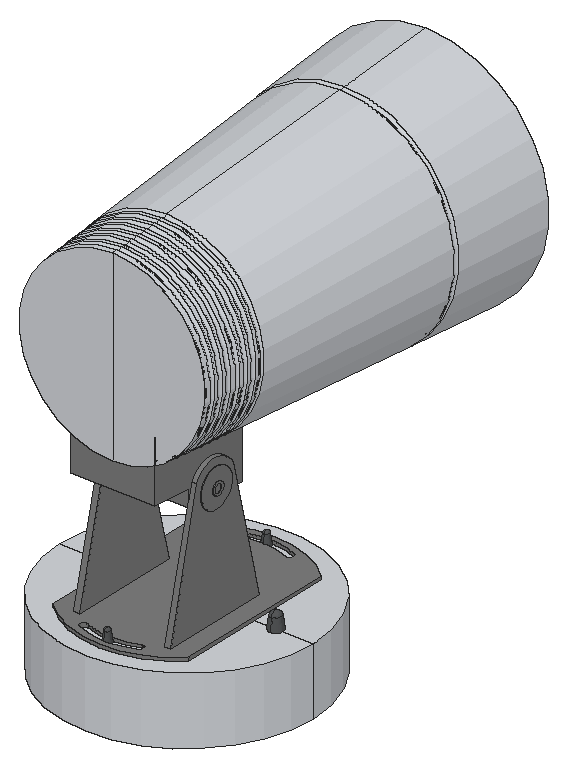
Revit family "REFLECTOR LANDSCAPE 02_RM40W.1.12", category Luminarias, Revit 2019
Family settings
  Cota de conector redondo = Diámetro de uso
  Tipo de pieza = Normal
  Se basa en plano de trabajo = Sí
  Siempre vertical = No
  Corte con vacíos al cargar = No
  Origen de luz = Sí
  Compartido = No
  Punto de cálculo de habitación = No
Parameters (values of type "RM40W.1.12")
  Ángulo de inclinación = 32.00°
  Zone [instance] = ""
  Watt per fixture = 44.8
  Wattage = 44.8 W
  built-in parameter 1150107 = 3000 (stored number, unit not read)
  built-in parameter 1150110 = 1 (stored number, unit not read)
  built-in parameter 1150109 = 1 (stored number, unit not read)
  built-in parameter 1150112 = 1 (stored number, unit not read)
  built-in parameter 1150113 = 1 (stored number, unit not read)
  built-in parameter 1114218 = 1 (stored number, unit not read)
  Keynote = ""
  built-in parameter 1150137 = (empty or 0)
  built-in parameter 1150132 = (empty or 0)
  Modelo = "RM40W.1.12"
  Lámpara = "NICHIA"
  built-in parameter 1150105 = 234.65 (stored number, unit not read)
  built-in parameter 1150102 = (empty or 0)
  built-in parameter 1150106 = 2.3465 (stored number, unit not read)
  Lumens = 2948.74 lm
  Color Filter = 16777215
  built-in parameter 1114217 = 1 (stored number, unit not read)
  built-in parameter 1150139 = (empty or 0)
  Fabricante = "BRILLANT"
  Default Elevation = 0 mm
  built-in parameter 1150104 = 6.1149 (stored number, unit not read)
  Descripción = "LUMINARIA TIPO REFLECTOR MONOCROMATICO DIRIGIBLE, CUERPO EN ALUMINIO FUNDIDO A PRESION CUBIERTO DE POLVO GRIS OSCURO Y VIDRIO TEMPLADO DE 3MM, CON UN PESO DE 5KG, CON 232MM DE LARGO POR 265MM DE ALTURA POR 110MM DE DIAMETRO, CUENTA CON 1 LED TIPO NICHIA CON UN CONSUMO DE 44.8W, 2949 LUMENES, IP 66, IRC 80, IK06, CABLE H05RN DE 0.5M, APERTURA DE 12 GRADOS POR PROYECTO, ALIMENTADA A 100-277V. ACCESORIOS OPCIONALES."
  built-in parameter 1150115 = 1 (stored number, unit not read)
  built-in parameter 1150114 = 1 (stored number, unit not read)
  Comentarios de vataje = "100-277V"
  built-in parameter 1150138 = (empty or 0)
  built-in parameter 1150134 = (empty or 0)
  Circuit [instance] = ""
  Dimming Lamp Color Temperature Shift = 1
  Archivo de red fotométrica = "RM40W.1_12º.ies"
  built-in parameter 1150133 = 10 (stored number, unit not read)
Reference planes
  plane 1 "Centro (Frontal/Posterior)": y = 0
  plane 2: z = 0
  plane 3 "Centro (Izquierda/Derecha)": x = 0
  plane 4: z = 265
Forms (mm)
  Revolve 1, solid, not visible
    sketch origin (-170.518, 44.498, 38.393) x (-1, 0, 0) y (0, 0, -1)
      loop
        line (92.846, -301.911) -> (92.846, -298.113) -> (82.028, -298.113)
        arc (82.028, -298.113) -> (87.129, -300.888) -> (92.846, -301.911) r 18.17
      axis (92.846, -298.113) -> (92.846, -301.911)
    angle from 0 to 360
  Extrusion 2, solid, material "Aluminio", not visible
    sketch origin (0, 0, 0) x (0, 1, 0) y (0, 0, 1)
      loop
        line (104, 336.506) -> (-104, 336.506) -> (-104, 228.571) -> (-94, 228.571)
        arc (-94, 228.571) -> (0, 201.039) -> (94, 228.571) r 174.234
        line (94, 228.571) -> (104, 228.571) -> (104, 336.506)
    from -339.373 to 342.161
  Extrusion 3, solid, material "Aluminio", not visible
    sketch origin (0, 0, 0) x (1, 0, 0) y (0, 1, 0)
      loop
        arc (-299.373, 104) -> (-315.725, 100.505) -> (-329.219, 90.632) r 40
        arc (-329.219, 90.632) -> (-323.254, 83.056) -> (-331.965, 87.19) r 4.952
        arc (-331.965, 87.19) -> (-337.476, 76.172) -> (-339.373, 64) r 40
        line (-339.373, 64) -> (-339.373, 1.506)
        arc (-339.373, 1.506) -> (-329.699, 0.016) -> (-339.373, -1.475) r 4.952
        line (-339.373, -1.475) -> (-339.373, -64)
        arc (-339.373, -64) -> (-337.476, -76.172) -> (-331.965, -87.19) r 40
        arc (-331.965, -87.19) -> (-323.254, -83.056) -> (-329.219, -90.632) r 4.952
        arc (-329.219, -90.632) -> (-315.725, -100.505) -> (-299.373, -104) r 40
        line (-299.373, -104) -> (-226.105, -104)
        arc (-226.105, -104) -> (-224.373, -94.409) -> (-222.642, -104) r 4.952
        line (-222.642, -104) -> (-77.408, -104)
        arc (-77.408, -104) -> (-75, -94.721) -> (-72.592, -104) r 4.952
        line (-72.592, -104) -> (-2.408, -104)
        arc (-2.408, -104) -> (0, -94.721) -> (2.408, -104) r 4.952
        line (2.408, -104) -> (72.592, -104)
        arc (72.592, -104) -> (75, -94.721) -> (77.408, -104) r 4.952
        line (77.408, -104) -> (177.592, -104)
        arc (177.592, -104) -> (180, -94.721) -> (182.408, -104) r 4.952
        line (182.408, -104) -> (302.161, -104)
        arc (302.161, -104) -> (318.513, -100.505) -> (332.007, -90.632) r 40
        arc (332.007, -90.632) -> (326.043, -83.056) -> (334.754, -87.19) r 4.952
        arc (334.754, -87.19) -> (340.265, -76.172) -> (342.161, -64) r 40
        line (342.161, -64) -> (342.161, -1.475)
        arc (342.161, -1.475) -> (332.487, 0.016) -> (342.161, 1.506) r 4.952
        line (342.161, 1.506) -> (342.161, 64)
        arc (342.161, 64) -> (340.265, 76.172) -> (334.754, 87.19) r 40
        arc (334.754, 87.19) -> (326.043, 83.056) -> (332.007, 90.632) r 4.952
        arc (332.007, 90.632) -> (318.513, 100.505) -> (302.161, 104) r 40
        line (302.161, 104) -> (182.408, 104)
        arc (182.408, 104) -> (180, 94.721) -> (177.592, 104) r 4.952
        line (177.592, 104) -> (77.408, 104)
        arc (77.408, 104) -> (75, 94.721) -> (72.592, 104) r 4.952
        line (72.592, 104) -> (2.408, 104)
        arc (2.408, 104) -> (0, 94.721) -> (-2.408, 104) r 4.952
        line (-2.408, 104) -> (-72.592, 104)
        arc (-72.592, 104) -> (-75, 94.721) -> (-77.408, 104) r 4.952
        line (-77.408, 104) -> (-221.965, 104)
        arc (-221.965, 104) -> (-224.373, 94.721) -> (-226.781, 104) r 4.952
        line (-226.781, 104) -> (-299.373, 104)
      loop
        arc (-299.373, 79) -> (-309.98, 74.607) -> (-314.373, 64) r 15
        line (-314.373, 64) -> (-314.373, -64)
        arc (-314.373, -64) -> (-309.98, -74.607) -> (-299.373, -79) r 15
        line (-299.373, -79) -> (302.161, -79)
        arc (302.161, -79) -> (312.768, -74.607) -> (317.161, -64) r 15
        line (317.161, -64) -> (317.161, 64)
        arc (317.161, 64) -> (312.768, 74.607) -> (302.161, 79) r 15
        line (302.161, 79) -> (-299.373, 79)
    from 336.506 to 345
  Extrusion 4, void, not visible
    sketch origin (0, 0, 0) x (1, 0, 0) y (0, 1, 0)
      loop
        arc (-339.373, 64) -> (-327.658, 92.284) -> (-299.373, 104) r 40
        line (-299.373, 104) -> (-339.373, 104) -> (-339.373, 64)
      loop
        line (-339.373, -64) -> (-339.373, -104) -> (-299.373, -104)
        arc (-299.373, -104) -> (-327.658, -92.284) -> (-339.373, -64) r 40
      loop
        line (342.161, 64) -> (342.161, 104) -> (302.161, 104)
        arc (302.161, 104) -> (330.446, 92.284) -> (342.161, 64) r 40
      loop
        arc (342.161, -64) -> (330.446, -92.284) -> (302.161, -104) r 40
        line (302.161, -104) -> (342.161, -104) -> (342.161, -64)
    from 176.462 to 336.506
  Extrusion 5, void, not visible
    sketch origin (0, 0, 0) x (1, 0, 0) y (0, 0, 1)
      loop
        line (-339.373, 184.64) -> (-274.373, 184.64) -> (-274.373, 259.64) -> (-339.373, 259.64) -> (-339.373, 184.64)
    from -104 to 104
  Extrusion 6, solid, material "Cristal", not visible
    sketch origin (0, 0, 0) x (1, 0, 0) y (0, 1, 0)
      loop
        arc (-299.373, 79) -> (-309.98, 74.607) -> (-314.373, 64) r 15
        line (-314.373, 64) -> (-314.373, -64)
        arc (-314.373, -64) -> (-309.98, -74.607) -> (-299.373, -79) r 15
        line (-299.373, -79) -> (302.161, -79)
        arc (302.161, -79) -> (312.768, -74.607) -> (317.161, -64) r 15
        line (317.161, -64) -> (317.161, 64)
        arc (317.161, 64) -> (312.768, 74.607) -> (302.161, 79) r 15
        line (302.161, 79) -> (-299.373, 79)
    from 342.509 to 345
  Revolve 7, solid, not visible
    sketch origin (356.21, 44.498, 38.393) x (-1, 0, 0) y (0, 0, -1)
      loop
        line (92.846, -301.911) -> (92.846, -298.113) -> (82.028, -298.113)
        arc (82.028, -298.113) -> (87.129, -300.888) -> (92.846, -301.911) r 18.17
      axis (92.846, -298.113) -> (92.846, -301.911)
    angle from 0 to 360
  Revolve 8, solid, not visible
    sketch origin (-104.677, 44.498, 38.393) x (-1, 0, 0) y (0, 0, -1)
      loop
        line (92.846, -301.911) -> (92.846, -298.113) -> (82.028, -298.113)
        arc (82.028, -298.113) -> (87.129, -300.888) -> (92.846, -301.911) r 18.17
      axis (92.846, -298.113) -> (92.846, -301.911)
    angle from 0 to 360
  Revolve 9, solid, not visible
    sketch origin (-38.836, 44.498, 38.393) x (-1, 0, 0) y (0, 0, -1)
      loop
        line (92.846, -301.911) -> (92.846, -298.113) -> (82.028, -298.113)
        arc (82.028, -298.113) -> (87.129, -300.888) -> (92.846, -301.911) r 18.17
      axis (92.846, -298.113) -> (92.846, -301.911)
    angle from 0 to 360
  Revolve 10, solid, not visible
    sketch origin (27.005, 44.498, 38.393) x (-1, 0, 0) y (0, 0, -1)
      loop
        line (92.846, -301.911) -> (92.846, -298.113) -> (82.028, -298.113)
        arc (82.028, -298.113) -> (87.129, -300.888) -> (92.846, -301.911) r 18.17
      axis (92.846, -298.113) -> (92.846, -301.911)
    angle from 0 to 360
  Revolve 11, solid, not visible
    sketch origin (92.846, 44.498, 38.393) x (-1, 0, 0) y (0, 0, -1)
      loop
        line (92.846, -301.911) -> (92.846, -298.113) -> (82.028, -298.113)
        arc (82.028, -298.113) -> (87.129, -300.888) -> (92.846, -301.911) r 18.17
      axis (92.846, -298.113) -> (92.846, -301.911)
    angle from 0 to 360
  Revolve 12, solid, not visible
    sketch origin (158.687, 44.498, 38.393) x (-1, 0, 0) y (0, 0, -1)
      loop
        line (92.846, -301.911) -> (92.846, -298.113) -> (82.028, -298.113)
        arc (82.028, -298.113) -> (87.129, -300.888) -> (92.846, -301.911) r 18.17
      axis (92.846, -298.113) -> (92.846, -301.911)
    angle from 0 to 360
  Revolve 13, solid, not visible
    sketch origin (224.528, 44.498, 38.393) x (-1, 0, 0) y (0, 0, -1)
      loop
        line (92.846, -301.911) -> (92.846, -298.113) -> (82.028, -298.113)
        arc (82.028, -298.113) -> (87.129, -300.888) -> (92.846, -301.911) r 18.17
      axis (92.846, -298.113) -> (92.846, -301.911)
    angle from 0 to 360
  Revolve 14, solid, not visible
    sketch origin (290.369, 44.498, 38.393) x (-1, 0, 0) y (0, 0, -1)
      loop
        line (92.846, -301.911) -> (92.846, -298.113) -> (82.028, -298.113)
        arc (82.028, -298.113) -> (87.129, -300.888) -> (92.846, -301.911) r 18.17
      axis (92.846, -298.113) -> (92.846, -301.911)
    angle from 0 to 360
  Revolve 15, solid, not visible
    sketch origin (-137.598, 0, 38.393) x (-1, 0, 0) y (0, 0, -1)
      loop
        line (92.846, -301.911) -> (92.846, -298.113) -> (82.028, -298.113)
        arc (82.028, -298.113) -> (87.129, -300.888) -> (92.846, -301.911) r 18.17
      axis (92.846, -298.113) -> (92.846, -301.911)
    angle from 0 to 360
  Revolve 16, solid, not visible
    sketch origin (389.13, 0, 38.393) x (-1, 0, 0) y (0, 0, -1)
      loop
        line (92.846, -301.911) -> (92.846, -298.113) -> (82.028, -298.113)
        arc (82.028, -298.113) -> (87.129, -300.888) -> (92.846, -301.911) r 18.17
      axis (92.846, -298.113) -> (92.846, -301.911)
    angle from 0 to 360
  Revolve 17, solid, not visible
    sketch origin (-71.757, 0, 38.393) x (-1, 0, 0) y (0, 0, -1)
      loop
        line (92.846, -301.911) -> (92.846, -298.113) -> (82.028, -298.113)
        arc (82.028, -298.113) -> (87.129, -300.888) -> (92.846, -301.911) r 18.17
      axis (92.846, -298.113) -> (92.846, -301.911)
    angle from 0 to 360
  Revolve 18, solid, not visible
    sketch origin (-5.916, 0, 38.393) x (-1, 0, 0) y (0, 0, -1)
      loop
        line (92.846, -301.911) -> (92.846, -298.113) -> (82.028, -298.113)
        arc (82.028, -298.113) -> (87.129, -300.888) -> (92.846, -301.911) r 18.17
      axis (92.846, -298.113) -> (92.846, -301.911)
    angle from 0 to 360
  Revolve 19, solid, not visible
    sketch origin (59.925, 0, 38.393) x (-1, 0, 0) y (0, 0, -1)
      loop
        line (92.846, -301.911) -> (92.846, -298.113) -> (82.028, -298.113)
        arc (82.028, -298.113) -> (87.129, -300.888) -> (92.846, -301.911) r 18.17
      axis (92.846, -298.113) -> (92.846, -301.911)
    angle from 0 to 360
  Revolve 20, solid, not visible
    sketch origin (125.766, 0, 38.393) x (-1, 0, 0) y (0, 0, -1)
      loop
        line (92.846, -301.911) -> (92.846, -298.113) -> (82.028, -298.113)
        arc (82.028, -298.113) -> (87.129, -300.888) -> (92.846, -301.911) r 18.17
      axis (92.846, -298.113) -> (92.846, -301.911)
    angle from 0 to 360
  Revolve 21, solid, not visible
    sketch origin (191.607, 0, 38.393) x (-1, 0, 0) y (0, 0, -1)
      loop
        line (92.846, -301.911) -> (92.846, -298.113) -> (82.028, -298.113)
        arc (82.028, -298.113) -> (87.129, -300.888) -> (92.846, -301.911) r 18.17
      axis (92.846, -298.113) -> (92.846, -301.911)
    angle from 0 to 360
  Revolve 22, solid, not visible
    sketch origin (257.448, 0, 38.393) x (-1, 0, 0) y (0, 0, -1)
      loop
        line (92.846, -301.911) -> (92.846, -298.113) -> (82.028, -298.113)
        arc (82.028, -298.113) -> (87.129, -300.888) -> (92.846, -301.911) r 18.17
      axis (92.846, -298.113) -> (92.846, -301.911)
    angle from 0 to 360
  Revolve 23, solid, not visible
    sketch origin (323.289, 0, 38.393) x (-1, 0, 0) y (0, 0, -1)
      loop
        line (92.846, -301.911) -> (92.846, -298.113) -> (82.028, -298.113)
        arc (82.028, -298.113) -> (87.129, -300.888) -> (92.846, -301.911) r 18.17
      axis (92.846, -298.113) -> (92.846, -301.911)
    angle from 0 to 360
  Revolve 24, solid, not visible
    sketch origin (-170.518, -44.498, 38.393) x (-1, 0, 0) y (0, 0, 1)
      loop
        arc (92.846, 301.911) -> (87.129, 300.888) -> (82.028, 298.113) r 18.17
        line (82.028, 298.113) -> (92.846, 298.113) -> (92.846, 301.911)
      axis (92.846, 298.113) -> (92.846, 301.911)
    angle from 0 to 360
  Revolve 25, solid, not visible
    sketch origin (356.21, -44.498, 38.393) x (-1, 0, 0) y (0, 0, 1)
      loop
        arc (92.846, 301.911) -> (87.129, 300.888) -> (82.028, 298.113) r 18.17
        line (82.028, 298.113) -> (92.846, 298.113) -> (92.846, 301.911)
      axis (92.846, 298.113) -> (92.846, 301.911)
    angle from 0 to 360
  Revolve 26, solid, not visible
    sketch origin (-104.677, -44.498, 38.393) x (-1, 0, 0) y (0, 0, 1)
      loop
        arc (92.846, 301.911) -> (87.129, 300.888) -> (82.028, 298.113) r 18.17
        line (82.028, 298.113) -> (92.846, 298.113) -> (92.846, 301.911)
      axis (92.846, 298.113) -> (92.846, 301.911)
    angle from 0 to 360
  Revolve 27, solid, not visible
    sketch origin (-38.836, -44.498, 38.393) x (-1, 0, 0) y (0, 0, 1)
      loop
        arc (92.846, 301.911) -> (87.129, 300.888) -> (82.028, 298.113) r 18.17
        line (82.028, 298.113) -> (92.846, 298.113) -> (92.846, 301.911)
      axis (92.846, 298.113) -> (92.846, 301.911)
    angle from 0 to 360
  Revolve 28, solid, not visible
    sketch origin (27.005, -44.498, 38.393) x (-1, 0, 0) y (0, 0, 1)
      loop
        arc (92.846, 301.911) -> (87.129, 300.888) -> (82.028, 298.113) r 18.17
        line (82.028, 298.113) -> (92.846, 298.113) -> (92.846, 301.911)
      axis (92.846, 298.113) -> (92.846, 301.911)
    angle from 0 to 360
  Revolve 29, solid, not visible
    sketch origin (92.846, -44.498, 38.393) x (-1, 0, 0) y (0, 0, 1)
      loop
        arc (92.846, 301.911) -> (87.129, 300.888) -> (82.028, 298.113) r 18.17
        line (82.028, 298.113) -> (92.846, 298.113) -> (92.846, 301.911)
      axis (92.846, 298.113) -> (92.846, 301.911)
    angle from 0 to 360
  Revolve 30, solid, not visible
    sketch origin (158.687, -44.498, 38.393) x (-1, 0, 0) y (0, 0, 1)
      loop
        arc (92.846, 301.911) -> (87.129, 300.888) -> (82.028, 298.113) r 18.17
        line (82.028, 298.113) -> (92.846, 298.113) -> (92.846, 301.911)
      axis (92.846, 298.113) -> (92.846, 301.911)
    angle from 0 to 360
  Revolve 31, solid, not visible
    sketch origin (224.528, -44.498, 38.393) x (-1, 0, 0) y (0, 0, 1)
      loop
        arc (92.846, 301.911) -> (87.129, 300.888) -> (82.028, 298.113) r 18.17
        line (82.028, 298.113) -> (92.846, 298.113) -> (92.846, 301.911)
      axis (92.846, 298.113) -> (92.846, 301.911)
    angle from 0 to 360
  Revolve 32, solid, not visible
    sketch origin (290.369, -44.498, 38.393) x (-1, 0, 0) y (0, 0, 1)
      loop
        arc (92.846, 301.911) -> (87.129, 300.888) -> (82.028, 298.113) r 18.17
        line (82.028, 298.113) -> (92.846, 298.113) -> (92.846, 301.911)
      axis (92.846, 298.113) -> (92.846, 301.911)
    angle from 0 to 360
  Revolve 33, solid
    sketch origin (0, 0, 0) x (1, 0, 0) y (0, 0, 1)
      loop
        line (-75, 2.5) -> (-70, 2.5) -> (-70, 37.859) -> (0, 37.859) -> (0, 42.5) -> (-75, 42.5) -> (-75, 2.5)
      axis (0, 42.5) -> (0, 2.5)
    angle from 0 to 360
  Revolve 34, solid
    sketch origin (0, 0, 22.187) x (0, 1, 0) y (0, 0, 1)
      loop
        line (176.563, 100.409) -> (113.633, 105.249) -> (113.633, 126.271) -> (109.979, 126.271) -> (106.954, 127.081) -> (89.276, 144.759) -> (89.276, 155)
        arc (89.276, 155) -> (95.402, 161.471) -> (97.981, 170) r 19.358
        line (97.981, 170) -> (-55, 170) -> (-55, 115) -> (-51.764, 114.751)
        arc (-51.764, 114.751) -> (-50.024, 115.659) -> (-48.443, 114.496) r 1.854
        line (-48.443, 114.496) -> (-46.174, 114.321)
        arc (-46.174, 114.321) -> (-44.435, 115.229) -> (-42.854, 114.066) r 1.854
        line (-42.854, 114.066) -> (-40.585, 113.891)
        arc (-40.585, 113.891) -> (-38.845, 114.799) -> (-37.265, 113.636) r 1.854
        line (-37.265, 113.636) -> (-34.996, 113.461)
        arc (-34.996, 113.461) -> (-33.256, 114.369) -> (-31.675, 113.206) r 1.854
        line (-31.675, 113.206) -> (-29.406, 113.031)
        arc (-29.406, 113.031) -> (-27.666, 113.939) -> (-26.086, 112.776) r 1.854
        line (-26.086, 112.776) -> (-23.817, 112.601)
        arc (-23.817, 112.601) -> (-22.077, 113.509) -> (-20.497, 112.346) r 1.854
        line (-20.497, 112.346) -> (-18.227, 112.171)
        arc (-18.227, 112.171) -> (-16.488, 113.079) -> (-14.907, 111.916) r 1.854
        line (-14.907, 111.916) -> (113.344, 102.05)
        arc (113.344, 102.05) -> (115.084, 102.958) -> (116.664, 101.795) r 1.854
        line (116.664, 101.795) -> (176.563, 97.187) -> (176.563, 100.409)
      axis (176.563, 170) -> (-55, 170)
    angle from 0 to 360
  Extrusion 35, solid, material "Aluminio"
    sketch origin (0, 0, -43.735) x (0, 1, 0) y (0, 0, 1)
      loop
        line (-54.831, 201.76) -> (-54.831, 165.8) -> (-29.908, 163.841) -> (-29.908, 153.692) -> (9.173, 150.62) -> (9.173, 196.728) -> (-54.831, 201.76)
    from -25.149 to 25.149
  Extrusion 36, solid, material "Aluminio"
    sketch origin (0, 0, 11.265) x (0, 1, 0) y (0, 0, 1)
      loop
        line (17.692, 33) -> (-1.709, 111.816)
        arc (-1.709, 111.816) -> (-14.9, 119.829) -> (-28.149, 111.911) r 14.954
        line (-28.149, 111.911) -> (-47.873, 33) -> (17.692, 33)
    from -28.531 to -25.149
  Extrusion 37, solid, material "Aluminio"
    sketch origin (0, 0, 58.14) x (0, 1, 0) y (0, 0, 1)
      loop
        circle (-14.907, 57.468) r 11.292
    from -29.584 to -28.531
  Extrusion 38, solid, material "Aluminio"
    sketch origin (0, 0, 58.14) x (0, 1, 0) y (0, 0, 1)
      loop
        circle (-14.907, 57.468) r 3.559
      loop
        line (-14.907, 60.379) -> (-17.428, 58.924) -> (-17.428, 56.013) -> (-14.907, 54.557) -> (-12.386, 56.013) -> (-12.386, 58.924) -> (-14.907, 60.379)
    from -30.722 to -29.584
  Extrusion 39, solid, material "Aluminio"
    sketch origin (0, 0, 0) x (1, 0, 0) y (0, 1, 0)
      loop
        line (40.326, -48.62) -> (40.326, 48.62)
        arc (40.326, 48.62) -> (0, 65) -> (-40.326, 48.62) r 57.829
        line (-40.326, 48.62) -> (-40.326, -48.62)
        arc (-40.326, -48.62) -> (0, -65) -> (40.326, -48.62) r 57.829
      loop
        arc (-17.728, -57.473) -> (0, -61.514) -> (17.728, -57.473) r 40.914
        arc (17.728, -57.473) -> (18.519, -54.562) -> (15.751, -53.36) r 2.306
        arc (15.751, -53.36) -> (0.2, -56.513) -> (-15.382, -53.512) r 40.914
        arc (-15.382, -53.512) -> (-18.424, -54.386) -> (-17.728, -57.473) r 2.306
      loop
        arc (-17.728, 57.473) -> (-18.424, 54.386) -> (-15.382, 53.512) r 2.306
        arc (-15.382, 53.512) -> (0.2, 56.513) -> (15.751, 53.36) r 40.914
        arc (15.751, 53.36) -> (18.519, 54.562) -> (17.728, 57.473) r 2.306
        arc (17.728, 57.473) -> (0, 61.514) -> (-17.728, 57.473) r 40.914
    from 42.5 to 44.265
  Revolve 40, solid, material "Plastico"
    sketch origin (0, -24.58, 9.5) x (0, -1, 0) y (0, 0, 1)
      loop
        line (36.899, 33) -> (36.085, 39.627)
        arc (36.085, 39.627) -> (35.469, 40.576) -> (34.399, 40.945) r 1.738
        line (34.399, 40.945) -> (34.399, 33) -> (36.899, 33)
      axis (34.399, 33) -> (34.399, 40.945)
    angle from 0 to 360
  Revolve 41, solid, material "Plastico"
    sketch origin (-52.824, 34.227, 9.5) x (0, -1, 0) y (0, 0, 1)
      loop
        line (38.461, 33) -> (37.551, 40.413)
        arc (37.551, 40.413) -> (36.399, 42.187) -> (34.399, 42.876) r 3.249
        line (34.399, 42.876) -> (34.399, 33) -> (38.461, 33)
      axis (34.399, 33) -> (34.399, 42.876)
    angle from 0 to 360
  Extrusion 42, solid, material "Cristal"
    sketch origin (0, 0, 56.166) x (1, 0, 0) y (0, 0, 1)
      loop
        circle (0.221, 135.65) r 43.729
    from -111.85 to -113.633
  Revolve 43, solid, material "Plastico"
    sketch origin (0, 24.615, 9.5) x (0, 1, 0) y (0, 0, 1)
      loop
        line (36.899, 33) -> (36.085, 39.627)
        arc (36.085, 39.627) -> (35.469, 40.576) -> (34.399, 40.945) r 1.738
        line (34.399, 40.945) -> (34.399, 33) -> (36.899, 33)
      axis (34.399, 33) -> (34.399, 40.945)
    angle from 0 to 360
  Revolve 44, solid, material "Plastico"
    sketch origin (52.824, 34.227, 9.5) x (0, -1, 0) y (0, 0, 1)
      loop
        line (38.461, 33) -> (37.551, 40.413)
        arc (37.551, 40.413) -> (36.399, 42.187) -> (34.399, 42.876) r 3.249
        line (34.399, 42.876) -> (34.399, 33) -> (38.461, 33)
      axis (34.399, 33) -> (34.399, 42.876)
    angle from 0 to 360
  Extrusion 45, solid, material "Aluminio"
    sketch origin (0, 0, 11.265) x (0, 1, 0) y (0, 0, -1)
      loop
        line (17.692, -33) -> (-47.873, -33) -> (-28.149, -111.911)
        arc (-28.149, -111.911) -> (-14.9, -119.829) -> (-1.709, -111.816) r 14.954
        line (-1.709, -111.816) -> (17.692, -33)
    from -28.531 to -25.149
  Extrusion 46, solid, material "Aluminio"
    sketch origin (0, 0, 58.14) x (0, 1, 0) y (0, 0, -1)
      loop
        circle (-14.907, -57.468) r 11.292
    from -29.584 to -28.531
  Extrusion 47, solid, material "Aluminio"
    sketch origin (0, 0, 58.14) x (0, 1, 0) y (0, 0, -1)
      loop
        circle (-14.907, -57.468) r 3.559
      loop
        line (-14.907, -60.379) -> (-12.386, -58.924) -> (-12.386, -56.013) -> (-14.907, -54.557) -> (-17.428, -56.013) -> (-17.428, -58.924) -> (-14.907, -60.379)
    from -30.722 to -29.584
Cuts and joins
  joined: Extrusion 36, Extrusion 39
Dimensions and locks
  plane 4 to level = 265 mm  (x2)
  plane 3 "Centro (Izquierda/Derecha)" to Revolve 33 sketch curve = 75 mm
  Revolve 34 sketch curve to Revolve 34 sketch curve = 55 mm
  plane 4 to Revolve 34 sketch curve = 145.625 mm
  Revolve 34 sketch curve to Revolve 34 sketch curve = 231.563 mm
  Revolve 33 to Revolve 33 = 40 mm
  aligned and locked: level to plane 2
Connectors
  electrical at (0, 0, 2.5)
    settings: on Revolve 33, index 1, voltage 277 V, apparent load 0 VA, apparent load phase1 0 VA, apparent load phase2 0 VA, apparent load phase3 0 VA, power factor 1, load classification "Otro", number of poles 1, system type 31, power factor state 1, is connector primary yes, connector utility no, sub classification motor no, connector description ""
